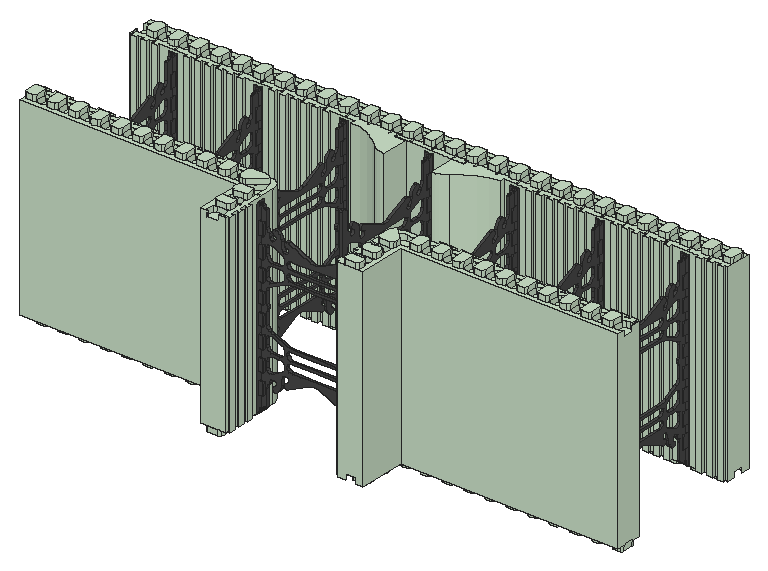
Revit family
Reference planes
  plane 1 "Center (Front/Back)": y = 0
  plane 2: z = 0
  plane 3 "Center (Left/Right)": x = 0
Forms (mm)
  Extrusion 1, solid, material "NUDURA Expanded Polystyrene Foam Insulation"
    sketch origin (0.018, -0.019, 0) x (1, 0, 0) y (0, 1, 0)
      loop
        arc (-82.55, -215.9) -> (-91.849, -193.449) -> (-114.3, -184.15) r 31.75
        line (-114.3, -184.15) -> (-184.942, -184.15) -> (-183.358, -177.8) -> (-197.642, -177.8) -> (-196.058, -184.15) -> (-210.342, -184.15) -> (-208.758, -177.8) -> (-223.042, -177.8) -> (-221.458, -184.15) -> (-235.742, -184.15) -> (-234.158, -177.8) -> (-248.442, -177.8) -> (-246.858, -184.15) -> (-261.142, -184.15) -> (-259.558, -177.8) -> (-273.842, -177.8) -> (-272.258, -184.15) -> (-286.558, -184.15) -> (-284.974, -177.8) -> (-299.258, -177.8) -> (-297.674, -184.15) -> (-311.958, -184.15) -> (-310.374, -177.8) -> (-324.658, -177.8) -> (-323.074, -184.15) -> (-388.141, -184.15) -> (-386.558, -177.8) -> (-400.841, -177.8) -> (-399.258, -184.15) -> (-413.541, -184.15) -> (-411.958, -177.8) -> (-426.241, -177.8) -> (-424.658, -184.15) -> (-438.941, -184.15) -> (-437.358, -177.8) -> (-451.641, -177.8) -> (-450.058, -184.15) -> (-464.358, -184.15) -> (-462.774, -177.8) -> (-477.058, -177.8) -> (-475.474, -184.15) -> (-489.758, -184.15) -> (-488.174, -177.8) -> (-502.458, -177.8) -> (-500.874, -184.15) -> (-515.158, -184.15) -> (-513.574, -177.8) -> (-527.858, -177.8) -> (-526.274, -184.15) -> (-591.341, -184.15) -> (-589.758, -177.8) -> (-604.041, -177.8) -> (-602.458, -184.15) -> (-616.741, -184.15) -> (-615.158, -177.8) -> (-629.441, -177.8) -> (-627.858, -184.15) -> (-642.141, -184.15) -> (-640.558, -177.8) -> (-654.841, -177.8) -> (-653.258, -184.15) -> (-660.4, -184.15) -> (-660.4, -244.41) -> (-142.875, -244.41) -> (-142.875, -355.535) -> (-82.55, -355.535) -> (-82.55, -348.458) -> (-76.2, -350.041) -> (-76.2, -335.758) -> (-82.55, -337.341) -> (-82.55, -323.058) -> (-76.2, -324.641) -> (-76.2, -310.358) -> (-82.55, -311.941) -> (-82.55, -297.658) -> (-76.2, -299.241) -> (-76.2, -284.958) -> (-82.55, -286.541) -> (-82.55, -215.9)
      loop
        line (228.6, 73.025) -> (228.6, 82.55) -> (286.542, 82.55) -> (284.958, 76.2) -> (299.242, 76.2) -> (297.658, 82.55) -> (311.942, 82.55) -> (310.358, 76.2) -> (324.642, 76.2) -> (323.058, 82.55) -> (337.342, 82.55) -> (335.758, 76.2) -> (350.042, 76.2) -> (348.458, 82.55) -> (362.726, 82.55) -> (361.142, 76.2) -> (375.426, 76.2) -> (373.842, 82.55) -> (388.126, 82.55) -> (386.542, 76.2) -> (400.826, 76.2) -> (399.242, 82.55) -> (413.526, 82.55) -> (411.942, 76.2) -> (426.226, 76.2) -> (424.642, 82.55) -> (489.741, 82.55) -> (488.158, 76.2) -> (502.441, 76.2) -> (500.858, 82.55) -> (515.141, 82.55) -> (513.558, 76.2) -> (527.841, 76.2) -> (526.258, 82.55) -> (540.541, 82.55) -> (538.958, 76.2) -> (553.241, 76.2) -> (551.658, 82.55) -> (565.925, 82.55) -> (564.342, 76.2) -> (578.625, 76.2) -> (577.042, 82.55) -> (591.325, 82.55) -> (589.742, 76.2) -> (604.025, 76.2) -> (602.442, 82.55) -> (616.725, 82.55) -> (615.142, 76.2) -> (629.425, 76.2) -> (627.842, 82.55) -> (692.941, 82.55) -> (691.358, 76.2) -> (705.641, 76.2) -> (704.058, 82.55) -> (718.341, 82.55) -> (716.758, 76.2) -> (731.041, 76.2) -> (729.458, 82.55) -> (743.741, 82.55) -> (742.158, 76.2) -> (756.441, 76.2) -> (754.858, 82.55) -> (762, 82.55) -> (762, 142.939) -> (133.35, 142.939) -> (133.35, 131.479) -> (127, 133.18) -> (127, 117.763) -> (133.35, 119.346) -> (133.35, 106.079) -> (127, 107.78) -> (127, 92.363) -> (133.35, 93.946) -> (133.35, 82.55) -> (107.158, 82.55) -> (107.158, 19.091)
        arc (107.158, 19.091) -> (124.789, 23.014) -> (139.933, 32.857) r 50.8
        arc (139.933, 32.857) -> (180.925, 60.317) -> (228.6, 73.025) r 150.316
      loop
        line (-5.558, 19.091) -> (-5.558, 82.55) -> (-31.75, 82.55) -> (-31.75, 93.946) -> (-25.4, 92.363) -> (-25.4, 107.78) -> (-31.75, 106.079) -> (-31.75, 119.346) -> (-25.4, 117.763) -> (-25.4, 133.18) -> (-31.75, 131.479) -> (-31.75, 142.939) -> (-660.4, 142.939) -> (-660.4, 82.55) -> (-653.258, 82.55) -> (-654.841, 76.2) -> (-640.558, 76.2) -> (-642.141, 82.55) -> (-627.858, 82.55) -> (-629.441, 76.2) -> (-615.158, 76.2) -> (-616.741, 82.55) -> (-602.458, 82.55) -> (-604.041, 76.2) -> (-589.758, 76.2) -> (-591.341, 82.55) -> (-526.242, 82.55) -> (-527.825, 76.2) -> (-513.542, 76.2) -> (-515.125, 82.55) -> (-500.842, 82.55) -> (-502.425, 76.2) -> (-488.142, 76.2) -> (-489.725, 82.55) -> (-475.442, 82.55) -> (-477.025, 76.2) -> (-462.742, 76.2) -> (-464.325, 82.55) -> (-450.058, 82.55) -> (-451.641, 76.2) -> (-437.358, 76.2) -> (-438.941, 82.55) -> (-424.658, 82.55) -> (-426.241, 76.2) -> (-411.958, 76.2) -> (-413.541, 82.55) -> (-399.258, 82.55) -> (-400.841, 76.2) -> (-386.558, 76.2) -> (-388.141, 82.55) -> (-323.042, 82.55) -> (-324.626, 76.2) -> (-310.342, 76.2) -> (-311.926, 82.55) -> (-297.642, 82.55) -> (-299.226, 76.2) -> (-284.942, 76.2) -> (-286.526, 82.55) -> (-272.242, 82.55) -> (-273.826, 76.2) -> (-259.542, 76.2) -> (-261.126, 82.55) -> (-246.858, 82.55) -> (-248.442, 76.2) -> (-234.158, 76.2) -> (-235.742, 82.55) -> (-221.458, 82.55) -> (-223.042, 76.2) -> (-208.758, 76.2) -> (-210.342, 82.55) -> (-196.058, 82.55) -> (-197.642, 76.2) -> (-183.358, 76.2) -> (-184.942, 82.55) -> (-127, 82.55) -> (-127, 73.025)
        arc (-127, 73.025) -> (-79.325, 60.317) -> (-38.333, 32.857) r 150.316
        arc (-38.333, 32.857) -> (-23.189, 23.014) -> (-5.558, 19.091) r 50.8
      loop
        line (184.15, -215.9) -> (184.15, -286.541) -> (177.8, -284.958) -> (177.8, -299.241) -> (184.15, -297.658) -> (184.15, -311.941) -> (177.8, -310.358) -> (177.8, -324.641) -> (184.15, -323.058) -> (184.15, -337.341) -> (177.8, -335.758) -> (177.8, -350.041) -> (184.15, -348.458) -> (184.15, -355.6) -> (244.475, -355.6) -> (244.475, -244.41) -> (762, -244.41) -> (762, -184.15) -> (754.858, -184.15) -> (756.441, -177.8) -> (742.158, -177.8) -> (743.741, -184.15) -> (729.458, -184.15) -> (731.041, -177.8) -> (716.758, -177.8) -> (718.341, -184.15) -> (704.058, -184.15) -> (705.641, -177.8) -> (691.358, -177.8) -> (692.941, -184.15) -> (627.874, -184.15) -> (629.458, -177.8) -> (615.174, -177.8) -> (616.758, -184.15) -> (602.474, -184.15) -> (604.058, -177.8) -> (589.774, -177.8) -> (591.358, -184.15) -> (577.074, -184.15) -> (578.658, -177.8) -> (564.374, -177.8) -> (565.958, -184.15) -> (551.658, -184.15) -> (553.241, -177.8) -> (538.958, -177.8) -> (540.541, -184.15) -> (526.258, -184.15) -> (527.841, -177.8) -> (513.558, -177.8) -> (515.141, -184.15) -> (500.858, -184.15) -> (502.441, -177.8) -> (488.158, -177.8) -> (489.741, -184.15) -> (424.674, -184.15) -> (426.258, -177.8) -> (411.974, -177.8) -> (413.558, -184.15) -> (399.274, -184.15) -> (400.858, -177.8) -> (386.574, -177.8) -> (388.158, -184.15) -> (373.874, -184.15) -> (375.458, -177.8) -> (361.174, -177.8) -> (362.758, -184.15) -> (348.458, -184.15) -> (350.042, -177.8) -> (335.758, -177.8) -> (337.342, -184.15) -> (323.058, -184.15) -> (324.642, -177.8) -> (310.358, -177.8) -> (311.942, -184.15) -> (297.658, -184.15) -> (299.242, -177.8) -> (284.958, -177.8) -> (286.542, -184.15) -> (215.9, -184.15)
        arc (215.9, -184.15) -> (193.449, -193.449) -> (184.15, -215.9) r 31.75
    from 0 to 457.2
  Extrusion 2, void
    sketch origin (0.018, 304.781, 0) x (1, 0, 0) y (0, 1, 0)
      loop
        arc (-130.453, -639.396) -> (-131.763, -647.7) -> (-130.453, -656.003) r 26.987
        arc (-130.453, -656.003) -> (-128.504, -658.905) -> (-125.314, -660.335) r 6.35
        line (-125.314, -660.335) -> (-100.111, -660.335)
        arc (-100.111, -660.335) -> (-98.281, -659.781) -> (-96.698, -658.708) r 6.35
        arc (-96.698, -658.708) -> (-96.199, -658.394) -> (-95.62, -658.285) r 1.588
        line (-95.62, -658.285) -> (-86.829, -658.285) -> (-86.829, -653.946) -> (-92.457, -653.946)
        arc (-92.457, -653.946) -> (-93.668, -653.385) -> (-94.024, -652.1) r 1.588
        arc (-94.024, -652.1) -> (-93.737, -645.691) -> (-94.972, -639.396) r 26.988
        arc (-94.972, -639.396) -> (-97.278, -636.215) -> (-101.014, -635) r 6.35
        line (-101.014, -635) -> (-124.411, -635)
        arc (-124.411, -635) -> (-128.147, -636.215) -> (-130.453, -639.396) r 6.35
    from 457.2 to 444.5
  Extrusion 3, void
    sketch origin (0.018, 355.581, 0) x (1, 0, 0) y (0, 1, 0)
      loop
        arc (-130.453, -639.396) -> (-131.763, -647.7) -> (-130.453, -656.003) r 26.987
        arc (-130.453, -656.003) -> (-128.147, -659.184) -> (-124.411, -660.4) r 6.35
        line (-124.411, -660.4) -> (-101.014, -660.4)
        arc (-101.014, -660.4) -> (-98.696, -659.961) -> (-96.698, -658.708) r 6.35
        arc (-96.698, -658.708) -> (-96.199, -658.394) -> (-95.62, -658.285) r 1.588
        line (-95.62, -658.285) -> (-86.829, -658.285) -> (-86.829, -653.946) -> (-92.457, -653.946)
        arc (-92.457, -653.946) -> (-93.668, -653.385) -> (-94.024, -652.1) r 1.588
        arc (-94.024, -652.1) -> (-93.737, -645.691) -> (-94.972, -639.396) r 26.988
        arc (-94.972, -639.396) -> (-97.278, -636.215) -> (-101.014, -635) r 6.35
        line (-101.014, -635) -> (-124.411, -635)
        arc (-124.411, -635) -> (-128.147, -636.215) -> (-130.453, -639.396) r 6.35
    from 457.2 to 444.5
  Extrusion 4, void
    sketch origin (0.018, -101.619, 0) x (1, 0, 0) y (0, 1, 0)
      loop
        line (-131.763, -131.762) -> (-131.763, -139.7)
        arc (-131.763, -139.7) -> (-131.433, -143.903) -> (-130.453, -148.003) r 26.987
        arc (-130.453, -148.003) -> (-128.147, -151.184) -> (-124.411, -152.4) r 6.35
        line (-124.411, -152.4) -> (-101.014, -152.4)
        arc (-101.014, -152.4) -> (-98.696, -151.961) -> (-96.698, -150.708) r 6.35
        arc (-96.698, -150.708) -> (-96.199, -150.394) -> (-95.62, -150.285) r 1.588
        line (-95.62, -150.285) -> (-86.829, -150.285) -> (-86.829, -145.946) -> (-92.457, -145.946)
        arc (-92.457, -145.946) -> (-93.668, -145.385) -> (-94.024, -144.1) r 1.588
        arc (-94.024, -144.1) -> (-93.753, -141.907) -> (-93.663, -139.7) r 26.987
        line (-93.663, -139.7) -> (-93.663, -119.062)
        arc (-93.663, -119.062) -> (-95.596, -109.342) -> (-101.102, -101.102) r 25.4
        line (-101.102, -101.102) -> (-131.763, -131.762)
    from 457.2 to 444.5
  Extrusion 5, void
    sketch origin (-812.781, -101.619, 0) x (0, 1, 0) y (-1, 0, 0)
      loop
        arc (-130.453, -639.396) -> (-131.763, -647.7) -> (-130.453, -656.003) r 26.987
        arc (-130.453, -656.003) -> (-128.147, -659.184) -> (-124.411, -660.4) r 6.35
        line (-124.411, -660.4) -> (-101.014, -660.4)
        arc (-101.014, -660.4) -> (-98.696, -659.961) -> (-96.698, -658.708) r 6.35
        arc (-96.698, -658.708) -> (-96.199, -658.394) -> (-95.62, -658.285) r 1.588
        line (-95.62, -658.285) -> (-86.829, -658.285) -> (-86.829, -653.946) -> (-92.457, -653.946)
        arc (-92.457, -653.946) -> (-93.668, -653.385) -> (-94.024, -652.1) r 1.588
        arc (-94.024, -652.1) -> (-93.737, -645.691) -> (-94.972, -639.396) r 26.988
        arc (-94.972, -639.396) -> (-97.278, -636.215) -> (-101.014, -635) r 6.35
        line (-101.014, -635) -> (-124.411, -635)
        arc (-124.411, -635) -> (-128.147, -636.215) -> (-130.453, -639.396) r 6.35
    from 457.2 to 444.5
  Extrusion 6, void
    sketch origin (-863.581, -101.619, 0) x (0, 1, 0) y (-1, 0, 0)
      loop
        arc (-130.453, -639.396) -> (-131.763, -647.7) -> (-130.453, -656.003) r 26.987
        arc (-130.453, -656.003) -> (-128.147, -659.184) -> (-124.411, -660.4) r 6.35
        line (-124.411, -660.4) -> (-101.014, -660.4)
        arc (-101.014, -660.4) -> (-98.696, -659.961) -> (-96.698, -658.708) r 6.35
        arc (-96.698, -658.708) -> (-96.199, -658.394) -> (-95.62, -658.285) r 1.588
        line (-95.62, -658.285) -> (-86.829, -658.285) -> (-86.829, -653.946) -> (-92.457, -653.946)
        arc (-92.457, -653.946) -> (-93.668, -653.385) -> (-94.024, -652.1) r 1.588
        arc (-94.024, -652.1) -> (-93.737, -645.691) -> (-94.972, -639.396) r 26.988
        arc (-94.972, -639.396) -> (-97.278, -636.215) -> (-101.014, -635) r 6.35
        line (-101.014, -635) -> (-124.411, -635)
        arc (-124.411, -635) -> (-128.147, -636.215) -> (-130.453, -639.396) r 6.35
    from 457.2 to 444.5
  Extrusion 7, void
    sketch origin (0.018, -965.218, 0) x (1, 0, 0) y (0, 1, 0)
      loop
        arc (-130.453, 639.396) -> (-128.147, 636.215) -> (-124.411, 635) r 6.35
        line (-124.411, 635) -> (-101.014, 635)
        arc (-101.014, 635) -> (-97.278, 636.215) -> (-94.972, 639.396) r 6.35
        arc (-94.972, 639.396) -> (-93.737, 645.691) -> (-94.024, 652.1) r 26.988
        arc (-94.024, 652.1) -> (-93.668, 653.385) -> (-92.457, 653.946) r 1.588
        line (-92.457, 653.946) -> (-86.829, 653.946) -> (-86.829, 658.285) -> (-95.62, 658.285)
        arc (-95.62, 658.285) -> (-96.199, 658.394) -> (-96.698, 658.708) r 1.588
        arc (-96.698, 658.708) -> (-98.696, 659.961) -> (-101.014, 660.4) r 6.35
        line (-101.014, 660.4) -> (-124.411, 660.4)
        arc (-124.411, 660.4) -> (-128.147, 659.184) -> (-130.453, 656.003) r 6.35
        arc (-130.453, 656.003) -> (-131.763, 647.7) -> (-130.453, 639.396) r 26.987
    from 0 to 12.7
  Extrusion 8, void
    sketch origin (0.018, -914.418, 0) x (1, 0, 0) y (0, 1, 0)
      loop
        arc (-130.453, 639.396) -> (-128.147, 636.215) -> (-124.411, 635) r 6.35
        line (-124.411, 635) -> (-101.014, 635)
        arc (-101.014, 635) -> (-97.278, 636.215) -> (-94.972, 639.396) r 6.35
        arc (-94.972, 639.396) -> (-93.737, 645.691) -> (-94.024, 652.1) r 26.988
        arc (-94.024, 652.1) -> (-93.668, 653.385) -> (-92.457, 653.946) r 1.588
        line (-92.457, 653.946) -> (-86.829, 653.946) -> (-86.829, 658.285) -> (-95.62, 658.285)
        arc (-95.62, 658.285) -> (-96.199, 658.394) -> (-96.698, 658.708) r 1.588
        arc (-96.698, 658.708) -> (-98.696, 659.961) -> (-101.014, 660.4) r 6.35
        line (-101.014, 660.4) -> (-124.411, 660.4)
        arc (-124.411, 660.4) -> (-128.147, 659.184) -> (-130.453, 656.003) r 6.35
        arc (-130.453, 656.003) -> (-131.763, 647.7) -> (-130.453, 639.396) r 26.987
    from 0 to 12.7
  Extrusion 9, void
    sketch origin (0.018, -101.619, 0) x (0, 1, 0) y (-1, 0, 0)
      loop
        line (-131.763, 131.762) -> (-101.102, 101.102)
        arc (-101.102, 101.102) -> (-95.596, 109.342) -> (-93.663, 119.062) r 25.4
        line (-93.663, 119.062) -> (-93.663, 139.7)
        arc (-93.663, 139.7) -> (-93.753, 141.907) -> (-94.024, 144.1) r 26.987
        arc (-94.024, 144.1) -> (-93.668, 145.385) -> (-92.457, 145.946) r 1.588
        line (-92.457, 145.946) -> (-86.829, 145.946) -> (-86.829, 150.285) -> (-95.62, 150.285)
        arc (-95.62, 150.285) -> (-96.199, 150.394) -> (-96.698, 150.708) r 1.588
        arc (-96.698, 150.708) -> (-98.696, 151.961) -> (-101.014, 152.4) r 6.35
        line (-101.014, 152.4) -> (-124.411, 152.4)
        arc (-124.411, 152.4) -> (-128.147, 151.184) -> (-130.453, 148.003) r 6.35
        arc (-130.453, 148.003) -> (-131.433, 143.903) -> (-131.763, 139.7) r 26.987
        line (-131.763, 139.7) -> (-131.763, 131.762)
    from 0 to 12.7
  Extrusion 10, void
    sketch origin (457.218, -101.619, 0) x (0, 1, 0) y (-1, 0, 0)
      loop
        arc (-130.453, 639.396) -> (-128.147, 636.215) -> (-124.411, 635) r 6.35
        line (-124.411, 635) -> (-101.014, 635)
        arc (-101.014, 635) -> (-97.278, 636.215) -> (-94.972, 639.396) r 6.35
        arc (-94.972, 639.396) -> (-93.737, 645.691) -> (-94.024, 652.1) r 26.988
        arc (-94.024, 652.1) -> (-93.668, 653.385) -> (-92.457, 653.946) r 1.588
        line (-92.457, 653.946) -> (-86.829, 653.946) -> (-86.829, 658.285) -> (-95.62, 658.285)
        arc (-95.62, 658.285) -> (-96.199, 658.394) -> (-96.698, 658.708) r 1.588
        arc (-96.698, 658.708) -> (-98.696, 659.961) -> (-101.014, 660.4) r 6.35
        line (-101.014, 660.4) -> (-124.411, 660.4)
        arc (-124.411, 660.4) -> (-128.147, 659.184) -> (-130.453, 656.003) r 6.35
        arc (-130.453, 656.003) -> (-131.763, 647.7) -> (-130.453, 639.396) r 26.987
    from 0 to 12.7
  Extrusion 11, void
    sketch origin (406.418, -101.619, 0) x (0, 1, 0) y (-1, 0, 0)
      loop
        arc (-130.453, 639.396) -> (-128.147, 636.215) -> (-124.411, 635) r 6.35
        line (-124.411, 635) -> (-101.014, 635)
        arc (-101.014, 635) -> (-97.278, 636.215) -> (-94.972, 639.396) r 6.35
        arc (-94.972, 639.396) -> (-93.737, 645.691) -> (-94.024, 652.1) r 26.988
        arc (-94.024, 652.1) -> (-93.668, 653.385) -> (-92.457, 653.946) r 1.588
        line (-92.457, 653.946) -> (-86.829, 653.946) -> (-86.829, 658.285) -> (-95.62, 658.285)
        arc (-95.62, 658.285) -> (-96.199, 658.394) -> (-96.698, 658.708) r 1.588
        arc (-96.698, 658.708) -> (-98.696, 659.961) -> (-101.014, 660.4) r 6.35
        line (-101.014, 660.4) -> (-124.411, 660.4)
        arc (-124.411, 660.4) -> (-128.147, 659.184) -> (-130.453, 656.003) r 6.35
        arc (-130.453, 656.003) -> (-131.763, 647.7) -> (-130.453, 639.396) r 26.987
    from 0 to 12.7
  Extrusion 12, void
    sketch origin (101.618, -965.218, 0) x (-1, 0, 0) y (0, -1, 0)
      loop
        arc (-130.453, -639.396) -> (-131.763, -647.7) -> (-130.453, -656.003) r 26.987
        arc (-130.453, -656.003) -> (-128.147, -659.184) -> (-124.411, -660.4) r 6.35
        line (-124.411, -660.4) -> (-101.014, -660.4)
        arc (-101.014, -660.4) -> (-98.696, -659.961) -> (-96.698, -658.708) r 6.35
        arc (-96.698, -658.708) -> (-96.199, -658.394) -> (-95.62, -658.285) r 1.588
        line (-95.62, -658.285) -> (-86.829, -658.285) -> (-86.829, -653.946) -> (-92.457, -653.946)
        arc (-92.457, -653.946) -> (-93.668, -653.385) -> (-94.024, -652.1) r 1.588
        arc (-94.024, -652.1) -> (-93.737, -645.691) -> (-94.972, -639.396) r 26.988
        arc (-94.972, -639.396) -> (-97.278, -636.215) -> (-101.014, -635) r 6.35
        line (-101.014, -635) -> (-124.411, -635)
        arc (-124.411, -635) -> (-128.147, -636.215) -> (-130.453, -639.396) r 6.35
    from 457.2 to 444.5
  Extrusion 13, void
    sketch origin (101.618, -914.418, 0) x (-1, 0, 0) y (0, -1, 0)
      loop
        arc (-130.453, -639.396) -> (-131.763, -647.7) -> (-130.453, -656.003) r 26.987
        arc (-130.453, -656.003) -> (-128.147, -659.184) -> (-124.411, -660.4) r 6.35
        line (-124.411, -660.4) -> (-101.014, -660.4)
        arc (-101.014, -660.4) -> (-98.696, -659.961) -> (-96.698, -658.708) r 6.35
        arc (-96.698, -658.708) -> (-96.199, -658.394) -> (-95.62, -658.285) r 1.588
        line (-95.62, -658.285) -> (-86.829, -658.285) -> (-86.829, -653.946) -> (-92.457, -653.946)
        arc (-92.457, -653.946) -> (-93.668, -653.385) -> (-94.024, -652.1) r 1.588
        arc (-94.024, -652.1) -> (-93.737, -645.691) -> (-94.972, -639.396) r 26.988
        arc (-94.972, -639.396) -> (-97.278, -636.215) -> (-101.014, -635) r 6.35
        line (-101.014, -635) -> (-124.411, -635)
        arc (-124.411, -635) -> (-128.147, -636.215) -> (-130.453, -639.396) r 6.35
    from 457.2 to 444.5
  Extrusion 14, void
    sketch origin (-355.581, -101.619, 0) x (0, 1, 0) y (-1, 0, 0)
      loop
        arc (-130.453, -639.396) -> (-131.763, -647.7) -> (-130.453, -656.003) r 26.987
        arc (-130.453, -656.003) -> (-128.147, -659.184) -> (-124.411, -660.4) r 6.35
        line (-124.411, -660.4) -> (-101.014, -660.4)
        arc (-101.014, -660.4) -> (-98.696, -659.961) -> (-96.698, -658.708) r 6.35
        arc (-96.698, -658.708) -> (-96.199, -658.394) -> (-95.62, -658.285) r 1.588
        line (-95.62, -658.285) -> (-86.829, -658.285) -> (-86.829, -653.946) -> (-92.457, -653.946)
        arc (-92.457, -653.946) -> (-93.668, -653.385) -> (-94.024, -652.1) r 1.588
        arc (-94.024, -652.1) -> (-93.737, -645.691) -> (-94.972, -639.396) r 26.988
        arc (-94.972, -639.396) -> (-97.278, -636.215) -> (-101.014, -635) r 6.35
        line (-101.014, -635) -> (-124.411, -635)
        arc (-124.411, -635) -> (-128.147, -636.215) -> (-130.453, -639.396) r 6.35
    from 457.2 to 444.5
  Extrusion 15, void
    sketch origin (-304.781, -101.619, 0) x (0, 1, 0) y (-1, 0, 0)
      loop
        arc (-130.453, -639.396) -> (-131.763, -647.7) -> (-130.453, -656.003) r 26.987
        arc (-130.453, -656.003) -> (-128.147, -659.184) -> (-124.411, -660.4) r 6.35
        line (-124.411, -660.4) -> (-101.014, -660.4)
        arc (-101.014, -660.4) -> (-98.696, -659.961) -> (-96.698, -658.708) r 6.35
        arc (-96.698, -658.708) -> (-96.199, -658.394) -> (-95.62, -658.285) r 1.588
        line (-95.62, -658.285) -> (-86.829, -658.285) -> (-86.829, -653.946) -> (-92.457, -653.946)
        arc (-92.457, -653.946) -> (-93.668, -653.385) -> (-94.024, -652.1) r 1.588
        arc (-94.024, -652.1) -> (-93.737, -645.691) -> (-94.972, -639.396) r 26.988
        arc (-94.972, -639.396) -> (-97.278, -636.215) -> (-101.014, -635) r 6.35
        line (-101.014, -635) -> (-124.411, -635)
        arc (-124.411, -635) -> (-128.147, -636.215) -> (-130.453, -639.396) r 6.35
    from 457.2 to 444.5
  Extrusion 16, void
    sketch origin (101.618, -101.619, 0) x (1, 0, 0) y (0, 1, 0)
      loop
        arc (144.1, -94.023) -> (141.907, -93.752) -> (139.7, -93.662) r 26.987
        line (139.7, -93.662) -> (119.063, -93.662)
        arc (119.063, -93.662) -> (109.342, -95.595) -> (101.102, -101.102) r 25.4
        line (101.102, -101.102) -> (131.763, -131.762) -> (139.7, -131.762)
        arc (139.7, -131.762) -> (143.903, -131.433) -> (148.004, -130.453) r 26.988
        arc (148.004, -130.453) -> (151.185, -128.147) -> (152.4, -124.411) r 6.35
        line (152.4, -124.411) -> (152.4, -101.013)
        arc (152.4, -101.013) -> (151.962, -98.696) -> (150.708, -96.698) r 6.35
        arc (150.708, -96.698) -> (150.395, -96.198) -> (150.285, -95.619) r 1.587
        line (150.285, -95.619) -> (150.285, -86.828) -> (145.946, -86.828) -> (145.946, -92.457)
        arc (145.946, -92.457) -> (145.386, -93.667) -> (144.1, -94.023) r 1.588
    from 457.2 to 444.5
  Extrusion 17, void
    sketch origin (101.618, 304.781, 0) x (-1, 0, 0) y (0, -1, 0)
      loop
        arc (-130.453, 639.396) -> (-128.147, 636.215) -> (-124.411, 635) r 6.35
        line (-124.411, 635) -> (-101.014, 635)
        arc (-101.014, 635) -> (-97.278, 636.215) -> (-94.972, 639.396) r 6.35
        arc (-94.972, 639.396) -> (-93.737, 645.691) -> (-94.024, 652.1) r 26.988
        arc (-94.024, 652.1) -> (-93.668, 653.385) -> (-92.457, 653.946) r 1.588
        line (-92.457, 653.946) -> (-86.829, 653.946) -> (-86.829, 658.285) -> (-95.62, 658.285)
        arc (-95.62, 658.285) -> (-96.199, 658.394) -> (-96.698, 658.708) r 1.588
        arc (-96.698, 658.708) -> (-98.696, 659.961) -> (-101.014, 660.4) r 6.35
        line (-101.014, 660.4) -> (-124.411, 660.4)
        arc (-124.411, 660.4) -> (-128.147, 659.184) -> (-130.453, 656.003) r 6.35
        arc (-130.453, 656.003) -> (-131.763, 647.7) -> (-130.453, 639.396) r 26.987
    from 0 to 12.7
  Extrusion 18, void
    sketch origin (101.618, 355.581, 0) x (-1, 0, 0) y (0, -1, 0)
      loop
        arc (-130.453, 639.396) -> (-128.147, 636.215) -> (-124.411, 635) r 6.35
        line (-124.411, 635) -> (-101.014, 635)
        arc (-101.014, 635) -> (-97.278, 636.215) -> (-94.972, 639.396) r 6.35
        arc (-94.972, 639.396) -> (-93.737, 645.691) -> (-94.024, 652.1) r 26.988
        arc (-94.024, 652.1) -> (-93.668, 653.385) -> (-92.457, 653.946) r 1.588
        line (-92.457, 653.946) -> (-86.829, 653.946) -> (-86.829, 658.285) -> (-95.62, 658.285)
        arc (-95.62, 658.285) -> (-96.199, 658.394) -> (-96.698, 658.708) r 1.588
        arc (-96.698, 658.708) -> (-98.696, 659.961) -> (-101.014, 660.4) r 6.35
        line (-101.014, 660.4) -> (-124.411, 660.4)
        arc (-124.411, 660.4) -> (-128.147, 659.184) -> (-130.453, 656.003) r 6.35
        arc (-130.453, 656.003) -> (-131.763, 647.7) -> (-130.453, 639.396) r 26.987
    from 0 to 12.7
  Extrusion 19, void
    sketch origin (101.619, -101.619, 0) x (0, -1, 0) y (1, 0, 0)
      loop
        arc (144.1, 94.023) -> (145.386, 93.667) -> (145.946, 92.457) r 1.588
        line (145.946, 92.457) -> (145.946, 86.828) -> (150.285, 86.828) -> (150.285, 95.619)
        arc (150.285, 95.619) -> (150.395, 96.198) -> (150.708, 96.698) r 1.587
        arc (150.708, 96.698) -> (151.962, 98.696) -> (152.4, 101.013) r 6.35
        line (152.4, 101.013) -> (152.4, 124.411)
        arc (152.4, 124.411) -> (151.185, 128.147) -> (148.004, 130.453) r 6.35
        arc (148.004, 130.453) -> (143.903, 131.433) -> (139.7, 131.762) r 26.988
        line (139.7, 131.762) -> (131.763, 131.762) -> (101.102, 101.102)
        arc (101.102, 101.102) -> (109.342, 95.595) -> (119.063, 93.662) r 25.4
        line (119.063, 93.662) -> (139.7, 93.662)
        arc (139.7, 93.662) -> (141.907, 93.752) -> (144.1, 94.023) r 26.987
    from 0 to 12.7
  Extrusion 20, void
    sketch origin (914.418, -101.619, 0) x (0, 1, 0) y (-1, 0, 0)
      loop
        arc (-130.453, 639.396) -> (-128.147, 636.215) -> (-124.411, 635) r 6.35
        line (-124.411, 635) -> (-101.014, 635)
        arc (-101.014, 635) -> (-97.278, 636.215) -> (-94.972, 639.396) r 6.35
        arc (-94.972, 639.396) -> (-93.737, 645.691) -> (-94.024, 652.1) r 26.988
        arc (-94.024, 652.1) -> (-93.668, 653.385) -> (-92.457, 653.946) r 1.588
        line (-92.457, 653.946) -> (-86.829, 653.946) -> (-86.829, 658.285) -> (-95.62, 658.285)
        arc (-95.62, 658.285) -> (-96.199, 658.394) -> (-96.698, 658.708) r 1.588
        arc (-96.698, 658.708) -> (-98.696, 659.961) -> (-101.014, 660.4) r 6.35
        line (-101.014, 660.4) -> (-124.411, 660.4)
        arc (-124.411, 660.4) -> (-128.147, 659.184) -> (-130.453, 656.003) r 6.35
        arc (-130.453, 656.003) -> (-131.763, 647.7) -> (-130.453, 639.396) r 26.987
    from 0 to 12.7
  Extrusion 21, void
    sketch origin (965.218, -101.619, 0) x (0, 1, 0) y (-1, 0, 0)
      loop
        arc (-130.453, 639.396) -> (-128.147, 636.215) -> (-124.411, 635) r 6.35
        line (-124.411, 635) -> (-101.014, 635)
        arc (-101.014, 635) -> (-97.278, 636.215) -> (-94.972, 639.396) r 6.35
        arc (-94.972, 639.396) -> (-93.737, 645.691) -> (-94.024, 652.1) r 26.988
        arc (-94.024, 652.1) -> (-93.668, 653.385) -> (-92.457, 653.946) r 1.588
        line (-92.457, 653.946) -> (-86.829, 653.946) -> (-86.829, 658.285) -> (-95.62, 658.285)
        arc (-95.62, 658.285) -> (-96.199, 658.394) -> (-96.698, 658.708) r 1.588
        arc (-96.698, 658.708) -> (-98.696, 659.961) -> (-101.014, 660.4) r 6.35
        line (-101.014, 660.4) -> (-124.411, 660.4)
        arc (-124.411, 660.4) -> (-128.147, 659.184) -> (-130.453, 656.003) r 6.35
        arc (-130.453, 656.003) -> (-131.763, 647.7) -> (-130.453, 639.396) r 26.987
    from 0 to 12.7
  Extrusion 22, void
    sketch origin (406.418, -0.02, 0) x (0, -1, 0) y (1, 0, 0)
      loop
        arc (-130.453, -639.396) -> (-131.763, -647.7) -> (-130.453, -656.003) r 26.987
        arc (-130.453, -656.003) -> (-128.147, -659.184) -> (-124.411, -660.4) r 6.35
        line (-124.411, -660.4) -> (-101.014, -660.4)
        arc (-101.014, -660.4) -> (-98.696, -659.961) -> (-96.698, -658.708) r 6.35
        arc (-96.698, -658.708) -> (-96.199, -658.394) -> (-95.62, -658.285) r 1.588
        line (-95.62, -658.285) -> (-86.829, -658.285) -> (-86.829, -653.946) -> (-92.457, -653.946)
        arc (-92.457, -653.946) -> (-93.668, -653.385) -> (-94.024, -652.1) r 1.588
        arc (-94.024, -652.1) -> (-93.737, -645.691) -> (-94.972, -639.396) r 26.988
        arc (-94.972, -639.396) -> (-97.278, -636.215) -> (-101.014, -635) r 6.35
        line (-101.014, -635) -> (-124.411, -635)
        arc (-124.411, -635) -> (-128.147, -636.215) -> (-130.453, -639.396) r 6.35
    from 457.2 to 444.5
  Extrusion 23, void
    sketch origin (457.218, -0.02, 0) x (0, -1, 0) y (1, 0, 0)
      loop
        arc (-130.453, -639.396) -> (-131.763, -647.7) -> (-130.453, -656.003) r 26.987
        arc (-130.453, -656.003) -> (-128.147, -659.184) -> (-124.411, -660.4) r 6.35
        line (-124.411, -660.4) -> (-101.014, -660.4)
        arc (-101.014, -660.4) -> (-98.696, -659.961) -> (-96.698, -658.708) r 6.35
        arc (-96.698, -658.708) -> (-96.199, -658.394) -> (-95.62, -658.285) r 1.588
        line (-95.62, -658.285) -> (-86.829, -658.285) -> (-86.829, -653.946) -> (-92.457, -653.946)
        arc (-92.457, -653.946) -> (-93.668, -653.385) -> (-94.024, -652.1) r 1.588
        arc (-94.024, -652.1) -> (-93.737, -645.691) -> (-94.972, -639.396) r 26.988
        arc (-94.972, -639.396) -> (-97.278, -636.215) -> (-101.014, -635) r 6.35
        line (-101.014, -635) -> (-124.411, -635)
        arc (-124.411, -635) -> (-128.147, -636.215) -> (-130.453, -639.396) r 6.35
    from 457.2 to 444.5
  Extrusion 24, void
    sketch origin (508.018, -0.02, 0) x (0, -1, 0) y (1, 0, 0)
      loop
        arc (-130.453, -639.396) -> (-131.763, -647.7) -> (-130.453, -656.003) r 26.987
        arc (-130.453, -656.003) -> (-128.147, -659.184) -> (-124.411, -660.4) r 6.35
        line (-124.411, -660.4) -> (-101.014, -660.4)
        arc (-101.014, -660.4) -> (-98.696, -659.961) -> (-96.698, -658.708) r 6.35
        arc (-96.698, -658.708) -> (-96.199, -658.394) -> (-95.62, -658.285) r 1.588
        line (-95.62, -658.285) -> (-86.829, -658.285) -> (-86.829, -653.946) -> (-92.457, -653.946)
        arc (-92.457, -653.946) -> (-93.668, -653.385) -> (-94.024, -652.1) r 1.588
        arc (-94.024, -652.1) -> (-93.737, -645.691) -> (-94.972, -639.396) r 26.988
        arc (-94.972, -639.396) -> (-97.278, -636.215) -> (-101.014, -635) r 6.35
        line (-101.014, -635) -> (-124.411, -635)
        arc (-124.411, -635) -> (-128.147, -636.215) -> (-130.453, -639.396) r 6.35
    from 457.2 to 444.5
  Extrusion 25, void
    sketch origin (558.818, -0.02, 0) x (0, -1, 0) y (1, 0, 0)
      loop
        arc (-130.453, -639.396) -> (-131.763, -647.7) -> (-130.453, -656.003) r 26.987
        arc (-130.453, -656.003) -> (-128.147, -659.184) -> (-124.411, -660.4) r 6.35
        line (-124.411, -660.4) -> (-101.014, -660.4)
        arc (-101.014, -660.4) -> (-98.696, -659.961) -> (-96.698, -658.708) r 6.35
        arc (-96.698, -658.708) -> (-96.199, -658.394) -> (-95.62, -658.285) r 1.588
        line (-95.62, -658.285) -> (-86.829, -658.285) -> (-86.829, -653.946) -> (-92.457, -653.946)
        arc (-92.457, -653.946) -> (-93.668, -653.385) -> (-94.024, -652.1) r 1.588
        arc (-94.024, -652.1) -> (-93.737, -645.691) -> (-94.972, -639.396) r 26.988
        arc (-94.972, -639.396) -> (-97.278, -636.215) -> (-101.014, -635) r 6.35
        line (-101.014, -635) -> (-124.411, -635)
        arc (-124.411, -635) -> (-128.147, -636.215) -> (-130.453, -639.396) r 6.35
    from 457.2 to 444.5
  Extrusion 26, void
    sketch origin (609.618, -0.02, 0) x (0, -1, 0) y (1, 0, 0)
      loop
        arc (-130.453, -639.396) -> (-131.763, -647.7) -> (-130.453, -656.003) r 26.987
        arc (-130.453, -656.003) -> (-128.147, -659.184) -> (-124.411, -660.4) r 6.35
        line (-124.411, -660.4) -> (-101.014, -660.4)
        arc (-101.014, -660.4) -> (-98.696, -659.961) -> (-96.698, -658.708) r 6.35
        arc (-96.698, -658.708) -> (-96.199, -658.394) -> (-95.62, -658.285) r 1.588
        line (-95.62, -658.285) -> (-86.829, -658.285) -> (-86.829, -653.946) -> (-92.457, -653.946)
        arc (-92.457, -653.946) -> (-93.668, -653.385) -> (-94.024, -652.1) r 1.588
        arc (-94.024, -652.1) -> (-93.737, -645.691) -> (-94.972, -639.396) r 26.988
        arc (-94.972, -639.396) -> (-97.278, -636.215) -> (-101.014, -635) r 6.35
        line (-101.014, -635) -> (-124.411, -635)
        arc (-124.411, -635) -> (-128.147, -636.215) -> (-130.453, -639.396) r 6.35
    from 457.2 to 444.5
  Extrusion 27, void
    sketch origin (660.418, -0.02, 0) x (0, -1, 0) y (1, 0, 0)
      loop
        arc (-130.453, -639.396) -> (-131.763, -647.7) -> (-130.453, -656.003) r 26.987
        arc (-130.453, -656.003) -> (-128.147, -659.184) -> (-124.411, -660.4) r 6.35
        line (-124.411, -660.4) -> (-101.014, -660.4)
        arc (-101.014, -660.4) -> (-98.696, -659.961) -> (-96.698, -658.708) r 6.35
        arc (-96.698, -658.708) -> (-96.199, -658.394) -> (-95.62, -658.285) r 1.588
        line (-95.62, -658.285) -> (-86.829, -658.285) -> (-86.829, -653.946) -> (-92.457, -653.946)
        arc (-92.457, -653.946) -> (-93.668, -653.385) -> (-94.024, -652.1) r 1.588
        arc (-94.024, -652.1) -> (-93.737, -645.691) -> (-94.972, -639.396) r 26.988
        arc (-94.972, -639.396) -> (-97.278, -636.215) -> (-101.014, -635) r 6.35
        line (-101.014, -635) -> (-124.411, -635)
        arc (-124.411, -635) -> (-128.147, -636.215) -> (-130.453, -639.396) r 6.35
    from 457.2 to 444.5
  Extrusion 28, void
    sketch origin (711.218, -0.02, 0) x (0, -1, 0) y (1, 0, 0)
      loop
        arc (-130.453, -639.396) -> (-131.763, -647.7) -> (-130.453, -656.003) r 26.987
        arc (-130.453, -656.003) -> (-128.147, -659.184) -> (-124.411, -660.4) r 6.35
        line (-124.411, -660.4) -> (-101.014, -660.4)
        arc (-101.014, -660.4) -> (-98.696, -659.961) -> (-96.698, -658.708) r 6.35
        arc (-96.698, -658.708) -> (-96.199, -658.394) -> (-95.62, -658.285) r 1.588
        line (-95.62, -658.285) -> (-86.829, -658.285) -> (-86.829, -653.946) -> (-92.457, -653.946)
        arc (-92.457, -653.946) -> (-93.668, -653.385) -> (-94.024, -652.1) r 1.588
        arc (-94.024, -652.1) -> (-93.737, -645.691) -> (-94.972, -639.396) r 26.988
        arc (-94.972, -639.396) -> (-97.278, -636.215) -> (-101.014, -635) r 6.35
        line (-101.014, -635) -> (-124.411, -635)
        arc (-124.411, -635) -> (-128.147, -636.215) -> (-130.453, -639.396) r 6.35
    from 457.2 to 444.5
  Extrusion 29, void
    sketch origin (762.018, -0.02, 0) x (0, -1, 0) y (1, 0, 0)
      loop
        arc (-130.453, -639.396) -> (-131.763, -647.7) -> (-130.453, -656.003) r 26.987
        arc (-130.453, -656.003) -> (-128.147, -659.184) -> (-124.411, -660.4) r 6.35
        line (-124.411, -660.4) -> (-101.014, -660.4)
        arc (-101.014, -660.4) -> (-98.696, -659.961) -> (-96.698, -658.708) r 6.35
        arc (-96.698, -658.708) -> (-96.199, -658.394) -> (-95.62, -658.285) r 1.588
        line (-95.62, -658.285) -> (-86.829, -658.285) -> (-86.829, -653.946) -> (-92.457, -653.946)
        arc (-92.457, -653.946) -> (-93.668, -653.385) -> (-94.024, -652.1) r 1.588
        arc (-94.024, -652.1) -> (-93.737, -645.691) -> (-94.972, -639.396) r 26.988
        arc (-94.972, -639.396) -> (-97.278, -636.215) -> (-101.014, -635) r 6.35
        line (-101.014, -635) -> (-124.411, -635)
        arc (-124.411, -635) -> (-128.147, -636.215) -> (-130.453, -639.396) r 6.35
    from 457.2 to 444.5
  Extrusion 30, void
    sketch origin (812.818, -0.02, 0) x (0, -1, 0) y (1, 0, 0)
      loop
        arc (-130.453, -639.396) -> (-131.763, -647.7) -> (-130.453, -656.003) r 26.987
        arc (-130.453, -656.003) -> (-128.147, -659.184) -> (-124.411, -660.4) r 6.35
        line (-124.411, -660.4) -> (-101.014, -660.4)
        arc (-101.014, -660.4) -> (-98.696, -659.961) -> (-96.698, -658.708) r 6.35
        arc (-96.698, -658.708) -> (-96.199, -658.394) -> (-95.62, -658.285) r 1.588
        line (-95.62, -658.285) -> (-86.829, -658.285) -> (-86.829, -653.946) -> (-92.457, -653.946)
        arc (-92.457, -653.946) -> (-93.668, -653.385) -> (-94.024, -652.1) r 1.588
        arc (-94.024, -652.1) -> (-93.737, -645.691) -> (-94.972, -639.396) r 26.988
        arc (-94.972, -639.396) -> (-97.278, -636.215) -> (-101.014, -635) r 6.35
        line (-101.014, -635) -> (-124.411, -635)
        arc (-124.411, -635) -> (-128.147, -636.215) -> (-130.453, -639.396) r 6.35
    from 457.2 to 444.5
  Extrusion 31, void
    sketch origin (863.618, -0.02, 0) x (0, -1, 0) y (1, 0, 0)
      loop
        arc (-130.453, -639.396) -> (-131.763, -647.7) -> (-130.453, -656.003) r 26.987
        arc (-130.453, -656.003) -> (-128.147, -659.184) -> (-124.411, -660.4) r 6.35
        line (-124.411, -660.4) -> (-101.014, -660.4)
        arc (-101.014, -660.4) -> (-98.696, -659.961) -> (-96.698, -658.708) r 6.35
        arc (-96.698, -658.708) -> (-96.199, -658.394) -> (-95.62, -658.285) r 1.588
        line (-95.62, -658.285) -> (-86.829, -658.285) -> (-86.829, -653.946) -> (-92.457, -653.946)
        arc (-92.457, -653.946) -> (-93.668, -653.385) -> (-94.024, -652.1) r 1.588
        arc (-94.024, -652.1) -> (-93.737, -645.691) -> (-94.972, -639.396) r 26.988
        arc (-94.972, -639.396) -> (-97.278, -636.215) -> (-101.014, -635) r 6.35
        line (-101.014, -635) -> (-124.411, -635)
        arc (-124.411, -635) -> (-128.147, -636.215) -> (-130.453, -639.396) r 6.35
    from 457.2 to 444.5
  Extrusion 32, void
    sketch origin (-863.581, -0.02, 0) x (0, -1, 0) y (1, 0, 0)
      loop
        arc (-130.453, 639.396) -> (-128.147, 636.215) -> (-124.411, 635) r 6.35
        line (-124.411, 635) -> (-101.014, 635)
        arc (-101.014, 635) -> (-97.278, 636.215) -> (-94.972, 639.396) r 6.35
        arc (-94.972, 639.396) -> (-93.737, 645.691) -> (-94.024, 652.1) r 26.988
        arc (-94.024, 652.1) -> (-93.668, 653.385) -> (-92.457, 653.946) r 1.588
        line (-92.457, 653.946) -> (-86.829, 653.946) -> (-86.829, 658.285) -> (-95.62, 658.285)
        arc (-95.62, 658.285) -> (-96.199, 658.394) -> (-96.698, 658.708) r 1.588
        arc (-96.698, 658.708) -> (-98.696, 659.961) -> (-101.014, 660.4) r 6.35
        line (-101.014, 660.4) -> (-124.411, 660.4)
        arc (-124.411, 660.4) -> (-128.147, 659.184) -> (-130.453, 656.003) r 6.35
        arc (-130.453, 656.003) -> (-131.763, 647.7) -> (-130.453, 639.396) r 26.987
    from 0 to 12.7
  Extrusion 33, void
    sketch origin (-812.781, -0.02, 0) x (0, -1, 0) y (1, 0, 0)
      loop
        arc (-130.453, 639.396) -> (-128.147, 636.215) -> (-124.411, 635) r 6.35
        line (-124.411, 635) -> (-101.014, 635)
        arc (-101.014, 635) -> (-97.278, 636.215) -> (-94.972, 639.396) r 6.35
        arc (-94.972, 639.396) -> (-93.737, 645.691) -> (-94.024, 652.1) r 26.988
        arc (-94.024, 652.1) -> (-93.668, 653.385) -> (-92.457, 653.946) r 1.588
        line (-92.457, 653.946) -> (-86.829, 653.946) -> (-86.829, 658.285) -> (-95.62, 658.285)
        arc (-95.62, 658.285) -> (-96.199, 658.394) -> (-96.698, 658.708) r 1.588
        arc (-96.698, 658.708) -> (-98.696, 659.961) -> (-101.014, 660.4) r 6.35
        line (-101.014, 660.4) -> (-124.411, 660.4)
        arc (-124.411, 660.4) -> (-128.147, 659.184) -> (-130.453, 656.003) r 6.35
        arc (-130.453, 656.003) -> (-131.763, 647.7) -> (-130.453, 639.396) r 26.987
    from 0 to 12.7
  Extrusion 34, void
    sketch origin (-761.981, -0.02, 0) x (0, -1, 0) y (1, 0, 0)
      loop
        arc (-130.453, 639.396) -> (-128.147, 636.215) -> (-124.411, 635) r 6.35
        line (-124.411, 635) -> (-101.014, 635)
        arc (-101.014, 635) -> (-97.278, 636.215) -> (-94.972, 639.396) r 6.35
        arc (-94.972, 639.396) -> (-93.737, 645.691) -> (-94.024, 652.1) r 26.988
        arc (-94.024, 652.1) -> (-93.668, 653.385) -> (-92.457, 653.946) r 1.588
        line (-92.457, 653.946) -> (-86.829, 653.946) -> (-86.829, 658.285) -> (-95.62, 658.285)
        arc (-95.62, 658.285) -> (-96.199, 658.394) -> (-96.698, 658.708) r 1.588
        arc (-96.698, 658.708) -> (-98.696, 659.961) -> (-101.014, 660.4) r 6.35
        line (-101.014, 660.4) -> (-124.411, 660.4)
        arc (-124.411, 660.4) -> (-128.147, 659.184) -> (-130.453, 656.003) r 6.35
        arc (-130.453, 656.003) -> (-131.763, 647.7) -> (-130.453, 639.396) r 26.987
    from 0 to 12.7
  Extrusion 35, void
    sketch origin (-711.181, -0.02, 0) x (0, -1, 0) y (1, 0, 0)
      loop
        arc (-130.453, 639.396) -> (-128.147, 636.215) -> (-124.411, 635) r 6.35
        line (-124.411, 635) -> (-101.014, 635)
        arc (-101.014, 635) -> (-97.278, 636.215) -> (-94.972, 639.396) r 6.35
        arc (-94.972, 639.396) -> (-93.737, 645.691) -> (-94.024, 652.1) r 26.988
        arc (-94.024, 652.1) -> (-93.668, 653.385) -> (-92.457, 653.946) r 1.588
        line (-92.457, 653.946) -> (-86.829, 653.946) -> (-86.829, 658.285) -> (-95.62, 658.285)
        arc (-95.62, 658.285) -> (-96.199, 658.394) -> (-96.698, 658.708) r 1.588
        arc (-96.698, 658.708) -> (-98.696, 659.961) -> (-101.014, 660.4) r 6.35
        line (-101.014, 660.4) -> (-124.411, 660.4)
        arc (-124.411, 660.4) -> (-128.147, 659.184) -> (-130.453, 656.003) r 6.35
        arc (-130.453, 656.003) -> (-131.763, 647.7) -> (-130.453, 639.396) r 26.987
    from 0 to 12.7
  Extrusion 36, void
    sketch origin (-660.381, -0.02, 0) x (0, -1, 0) y (1, 0, 0)
      loop
        arc (-130.453, 639.396) -> (-128.147, 636.215) -> (-124.411, 635) r 6.35
        line (-124.411, 635) -> (-101.014, 635)
        arc (-101.014, 635) -> (-97.278, 636.215) -> (-94.972, 639.396) r 6.35
        arc (-94.972, 639.396) -> (-93.737, 645.691) -> (-94.024, 652.1) r 26.988
        arc (-94.024, 652.1) -> (-93.668, 653.385) -> (-92.457, 653.946) r 1.588
        line (-92.457, 653.946) -> (-86.829, 653.946) -> (-86.829, 658.285) -> (-95.62, 658.285)
        arc (-95.62, 658.285) -> (-96.199, 658.394) -> (-96.698, 658.708) r 1.588
        arc (-96.698, 658.708) -> (-98.696, 659.961) -> (-101.014, 660.4) r 6.35
        line (-101.014, 660.4) -> (-124.411, 660.4)
        arc (-124.411, 660.4) -> (-128.147, 659.184) -> (-130.453, 656.003) r 6.35
        arc (-130.453, 656.003) -> (-131.763, 647.7) -> (-130.453, 639.396) r 26.987
    from 0 to 12.7
  Extrusion 37, void
    sketch origin (-609.581, -0.02, 0) x (0, -1, 0) y (1, 0, 0)
      loop
        arc (-130.453, 639.396) -> (-128.147, 636.215) -> (-124.411, 635) r 6.35
        line (-124.411, 635) -> (-101.014, 635)
        arc (-101.014, 635) -> (-97.278, 636.215) -> (-94.972, 639.396) r 6.35
        arc (-94.972, 639.396) -> (-93.737, 645.691) -> (-94.024, 652.1) r 26.988
        arc (-94.024, 652.1) -> (-93.668, 653.385) -> (-92.457, 653.946) r 1.588
        line (-92.457, 653.946) -> (-86.829, 653.946) -> (-86.829, 658.285) -> (-95.62, 658.285)
        arc (-95.62, 658.285) -> (-96.199, 658.394) -> (-96.698, 658.708) r 1.588
        arc (-96.698, 658.708) -> (-98.696, 659.961) -> (-101.014, 660.4) r 6.35
        line (-101.014, 660.4) -> (-124.411, 660.4)
        arc (-124.411, 660.4) -> (-128.147, 659.184) -> (-130.453, 656.003) r 6.35
        arc (-130.453, 656.003) -> (-131.763, 647.7) -> (-130.453, 639.396) r 26.987
    from 0 to 12.7
  Extrusion 38, void
    sketch origin (-558.781, -0.02, 0) x (0, -1, 0) y (1, 0, 0)
      loop
        arc (-130.453, 639.396) -> (-128.147, 636.215) -> (-124.411, 635) r 6.35
        line (-124.411, 635) -> (-101.014, 635)
        arc (-101.014, 635) -> (-97.278, 636.215) -> (-94.972, 639.396) r 6.35
        arc (-94.972, 639.396) -> (-93.737, 645.691) -> (-94.024, 652.1) r 26.988
        arc (-94.024, 652.1) -> (-93.668, 653.385) -> (-92.457, 653.946) r 1.588
        line (-92.457, 653.946) -> (-86.829, 653.946) -> (-86.829, 658.285) -> (-95.62, 658.285)
        arc (-95.62, 658.285) -> (-96.199, 658.394) -> (-96.698, 658.708) r 1.588
        arc (-96.698, 658.708) -> (-98.696, 659.961) -> (-101.014, 660.4) r 6.35
        line (-101.014, 660.4) -> (-124.411, 660.4)
        arc (-124.411, 660.4) -> (-128.147, 659.184) -> (-130.453, 656.003) r 6.35
        arc (-130.453, 656.003) -> (-131.763, 647.7) -> (-130.453, 639.396) r 26.987
    from 0 to 12.7
  Extrusion 39, void
    sketch origin (-507.981, -0.02, 0) x (0, -1, 0) y (1, 0, 0)
      loop
        arc (-130.453, 639.396) -> (-128.147, 636.215) -> (-124.411, 635) r 6.35
        line (-124.411, 635) -> (-101.014, 635)
        arc (-101.014, 635) -> (-97.278, 636.215) -> (-94.972, 639.396) r 6.35
        arc (-94.972, 639.396) -> (-93.737, 645.691) -> (-94.024, 652.1) r 26.988
        arc (-94.024, 652.1) -> (-93.668, 653.385) -> (-92.457, 653.946) r 1.588
        line (-92.457, 653.946) -> (-86.829, 653.946) -> (-86.829, 658.285) -> (-95.62, 658.285)
        arc (-95.62, 658.285) -> (-96.199, 658.394) -> (-96.698, 658.708) r 1.588
        arc (-96.698, 658.708) -> (-98.696, 659.961) -> (-101.014, 660.4) r 6.35
        line (-101.014, 660.4) -> (-124.411, 660.4)
        arc (-124.411, 660.4) -> (-128.147, 659.184) -> (-130.453, 656.003) r 6.35
        arc (-130.453, 656.003) -> (-131.763, 647.7) -> (-130.453, 639.396) r 26.987
    from 0 to 12.7
  Extrusion 40, void
    sketch origin (-457.181, -0.02, 0) x (0, -1, 0) y (1, 0, 0)
      loop
        arc (-130.453, 639.396) -> (-128.147, 636.215) -> (-124.411, 635) r 6.35
        line (-124.411, 635) -> (-101.014, 635)
        arc (-101.014, 635) -> (-97.278, 636.215) -> (-94.972, 639.396) r 6.35
        arc (-94.972, 639.396) -> (-93.737, 645.691) -> (-94.024, 652.1) r 26.988
        arc (-94.024, 652.1) -> (-93.668, 653.385) -> (-92.457, 653.946) r 1.588
        line (-92.457, 653.946) -> (-86.829, 653.946) -> (-86.829, 658.285) -> (-95.62, 658.285)
        arc (-95.62, 658.285) -> (-96.199, 658.394) -> (-96.698, 658.708) r 1.588
        arc (-96.698, 658.708) -> (-98.696, 659.961) -> (-101.014, 660.4) r 6.35
        line (-101.014, 660.4) -> (-124.411, 660.4)
        arc (-124.411, 660.4) -> (-128.147, 659.184) -> (-130.453, 656.003) r 6.35
        arc (-130.453, 656.003) -> (-131.763, 647.7) -> (-130.453, 639.396) r 26.987
    from 0 to 12.7
  Extrusion 41, void
    sketch origin (-406.381, -0.02, 0) x (0, -1, 0) y (1, 0, 0)
      loop
        arc (-130.453, 639.396) -> (-128.147, 636.215) -> (-124.411, 635) r 6.35
        line (-124.411, 635) -> (-101.014, 635)
        arc (-101.014, 635) -> (-97.278, 636.215) -> (-94.972, 639.396) r 6.35
        arc (-94.972, 639.396) -> (-93.737, 645.691) -> (-94.024, 652.1) r 26.988
        arc (-94.024, 652.1) -> (-93.668, 653.385) -> (-92.457, 653.946) r 1.588
        line (-92.457, 653.946) -> (-86.829, 653.946) -> (-86.829, 658.285) -> (-95.62, 658.285)
        arc (-95.62, 658.285) -> (-96.199, 658.394) -> (-96.698, 658.708) r 1.588
        arc (-96.698, 658.708) -> (-98.696, 659.961) -> (-101.014, 660.4) r 6.35
        line (-101.014, 660.4) -> (-124.411, 660.4)
        arc (-124.411, 660.4) -> (-128.147, 659.184) -> (-130.453, 656.003) r 6.35
        arc (-130.453, 656.003) -> (-131.763, 647.7) -> (-130.453, 639.396) r 26.987
    from 0 to 12.7
  Extrusion 42, solid, material "NUDURA Expanded Polystyrene Foam Insulation"
    sketch origin (101.618, -101.619, 0) x (1, 0, 0) y (0, 1, 0)
      loop
        arc (101.102, -101.102) -> (95.596, -109.342) -> (93.663, -119.062) r 25.4
        line (93.663, -119.062) -> (93.663, -139.7)
        arc (93.663, -139.7) -> (93.992, -143.903) -> (94.972, -148.003) r 26.987
        arc (94.972, -148.003) -> (97.278, -151.184) -> (101.014, -152.4) r 6.35
        line (101.014, -152.4) -> (124.411, -152.4)
        arc (124.411, -152.4) -> (128.147, -151.184) -> (130.453, -148.003) r 6.35
        arc (130.453, -148.003) -> (131.433, -143.903) -> (131.763, -139.7) r 26.988
        line (131.763, -139.7) -> (131.763, -131.762) -> (101.102, -101.102)
    from 457.2 to 469.9
  Extrusion 43, solid, material "NUDURA Expanded Polystyrene Foam Insulation"
    sketch origin (0.018, -101.619, 0) x (1, 0, 0) y (0, 1, 0)
      loop
        line (-119.063, -93.662) -> (-139.7, -93.662)
        arc (-139.7, -93.662) -> (-143.903, -93.991) -> (-148.004, -94.971) r 26.987
        arc (-148.004, -94.971) -> (-151.185, -97.277) -> (-152.4, -101.013) r 6.35
        line (-152.4, -101.013) -> (-152.4, -124.411)
        arc (-152.4, -124.411) -> (-151.185, -128.147) -> (-148.004, -130.453) r 6.35
        arc (-148.004, -130.453) -> (-143.903, -131.433) -> (-139.7, -131.762) r 26.987
        line (-139.7, -131.762) -> (-131.763, -131.762) -> (-101.102, -101.102)
        arc (-101.102, -101.102) -> (-109.342, -95.595) -> (-119.063, -93.662) r 25.4
    from 457.2 to 469.9
  Extrusion 44, solid, material "NUDURA Expanded Polystyrene Foam Insulation"
    sketch origin (0.018, -101.619, 0) x (1, 0, 0) y (0, 1, 0)
      loop
        line (-131.763, -131.762) -> (-131.763, -139.7)
        arc (-131.763, -139.7) -> (-131.433, -143.903) -> (-130.453, -148.003) r 26.987
        arc (-130.453, -148.003) -> (-128.147, -151.184) -> (-124.411, -152.4) r 6.35
        line (-124.411, -152.4) -> (-101.014, -152.4)
        arc (-101.014, -152.4) -> (-97.278, -151.184) -> (-94.972, -148.003) r 6.35
        arc (-94.972, -148.003) -> (-93.992, -143.903) -> (-93.663, -139.7) r 26.987
        line (-93.663, -139.7) -> (-93.663, -119.062)
        arc (-93.663, -119.062) -> (-95.596, -109.342) -> (-101.102, -101.102) r 25.4
        line (-101.102, -101.102) -> (-131.763, -131.762)
    from 0 to -12.7
  Extrusion 45, solid, material "NUDURA Expanded Polystyrene Foam Insulation"
    sketch origin (101.618, -101.619, 0) x (1, 0, 0) y (0, 1, 0)
      loop
        arc (152.4, -101.013) -> (151.185, -97.277) -> (148.004, -94.971) r 6.35
        arc (148.004, -94.971) -> (143.903, -93.991) -> (139.7, -93.662) r 26.987
        line (139.7, -93.662) -> (119.063, -93.662)
        arc (119.063, -93.662) -> (109.342, -95.595) -> (101.102, -101.102) r 25.4
        line (101.102, -101.102) -> (131.763, -131.762) -> (139.7, -131.762)
        arc (139.7, -131.762) -> (143.903, -131.433) -> (148.004, -130.453) r 26.988
        arc (148.004, -130.453) -> (151.185, -128.147) -> (152.4, -124.411) r 6.35
        line (152.4, -124.411) -> (152.4, -101.013)
    from 0 to -12.7
  Extrusion 46, void
    sketch origin (203.218, -0.02, 0) x (0, -1, 0) y (1, 0, 0)
      loop
        arc (-130.453, -639.396) -> (-131.763, -647.7) -> (-130.453, -656.003) r 26.987
        arc (-130.453, -656.003) -> (-128.147, -659.184) -> (-124.411, -660.4) r 6.35
        line (-124.411, -660.4) -> (-101.014, -660.4)
        arc (-101.014, -660.4) -> (-98.696, -659.961) -> (-96.698, -658.708) r 6.35
        arc (-96.698, -658.708) -> (-96.199, -658.394) -> (-95.62, -658.285) r 1.588
        line (-95.62, -658.285) -> (-86.829, -658.285) -> (-86.829, -653.946) -> (-92.457, -653.946)
        arc (-92.457, -653.946) -> (-93.668, -653.385) -> (-94.024, -652.1) r 1.588
        arc (-94.024, -652.1) -> (-93.737, -645.691) -> (-94.972, -639.396) r 26.988
        arc (-94.972, -639.396) -> (-97.278, -636.215) -> (-101.014, -635) r 6.35
        line (-101.014, -635) -> (-124.411, -635)
        arc (-124.411, -635) -> (-128.147, -636.215) -> (-130.453, -639.396) r 6.35
    from 457.2 to 444.5
  Extrusion 47, void
    sketch origin (254.018, -0.02, 0) x (0, -1, 0) y (1, 0, 0)
      loop
        arc (-130.453, -639.396) -> (-131.763, -647.7) -> (-130.453, -656.003) r 26.987
        arc (-130.453, -656.003) -> (-128.147, -659.184) -> (-124.411, -660.4) r 6.35
        line (-124.411, -660.4) -> (-101.014, -660.4)
        arc (-101.014, -660.4) -> (-98.696, -659.961) -> (-96.698, -658.708) r 6.35
        arc (-96.698, -658.708) -> (-96.199, -658.394) -> (-95.62, -658.285) r 1.588
        line (-95.62, -658.285) -> (-86.829, -658.285) -> (-86.829, -653.946) -> (-92.457, -653.946)
        arc (-92.457, -653.946) -> (-93.668, -653.385) -> (-94.024, -652.1) r 1.588
        arc (-94.024, -652.1) -> (-93.737, -645.691) -> (-94.972, -639.396) r 26.988
        arc (-94.972, -639.396) -> (-97.278, -636.215) -> (-101.014, -635) r 6.35
        line (-101.014, -635) -> (-124.411, -635)
        arc (-124.411, -635) -> (-128.147, -636.215) -> (-130.453, -639.396) r 6.35
    from 457.2 to 444.5
  Extrusion 48, void
    sketch origin (304.818, -0.02, 0) x (0, -1, 0) y (1, 0, 0)
      loop
        arc (-130.453, -639.396) -> (-131.763, -647.7) -> (-130.453, -656.003) r 26.987
        arc (-130.453, -656.003) -> (-128.147, -659.184) -> (-124.411, -660.4) r 6.35
        line (-124.411, -660.4) -> (-101.014, -660.4)
        arc (-101.014, -660.4) -> (-98.696, -659.961) -> (-96.698, -658.708) r 6.35
        arc (-96.698, -658.708) -> (-96.199, -658.394) -> (-95.62, -658.285) r 1.588
        line (-95.62, -658.285) -> (-86.829, -658.285) -> (-86.829, -653.946) -> (-92.457, -653.946)
        arc (-92.457, -653.946) -> (-93.668, -653.385) -> (-94.024, -652.1) r 1.588
        arc (-94.024, -652.1) -> (-93.737, -645.691) -> (-94.972, -639.396) r 26.988
        arc (-94.972, -639.396) -> (-97.278, -636.215) -> (-101.014, -635) r 6.35
        line (-101.014, -635) -> (-124.411, -635)
        arc (-124.411, -635) -> (-128.147, -636.215) -> (-130.453, -639.396) r 6.35
    from 457.2 to 444.5
  Extrusion 49, void
    sketch origin (355.618, -0.02, 0) x (0, -1, 0) y (1, 0, 0)
      loop
        arc (-130.453, -639.396) -> (-131.763, -647.7) -> (-130.453, -656.003) r 26.987
        arc (-130.453, -656.003) -> (-128.147, -659.184) -> (-124.411, -660.4) r 6.35
        line (-124.411, -660.4) -> (-101.014, -660.4)
        arc (-101.014, -660.4) -> (-98.696, -659.961) -> (-96.698, -658.708) r 6.35
        arc (-96.698, -658.708) -> (-96.199, -658.394) -> (-95.62, -658.285) r 1.588
        line (-95.62, -658.285) -> (-86.829, -658.285) -> (-86.829, -653.946) -> (-92.457, -653.946)
        arc (-92.457, -653.946) -> (-93.668, -653.385) -> (-94.024, -652.1) r 1.588
        arc (-94.024, -652.1) -> (-93.737, -645.691) -> (-94.972, -639.396) r 26.988
        arc (-94.972, -639.396) -> (-97.278, -636.215) -> (-101.014, -635) r 6.35
        line (-101.014, -635) -> (-124.411, -635)
        arc (-124.411, -635) -> (-128.147, -636.215) -> (-130.453, -639.396) r 6.35
    from 457.2 to 444.5
  Extrusion 50, void
    sketch origin (152.418, -0.02, 0) x (0, -1, 0) y (1, 0, 0)
      loop
        arc (-130.453, -639.396) -> (-131.763, -647.7) -> (-130.453, -656.003) r 26.987
        arc (-130.453, -656.003) -> (-128.147, -659.184) -> (-124.411, -660.4) r 6.35
        line (-124.411, -660.4) -> (-101.014, -660.4)
        arc (-101.014, -660.4) -> (-98.696, -659.961) -> (-96.698, -658.708) r 6.35
        arc (-96.698, -658.708) -> (-96.199, -658.394) -> (-95.62, -658.285) r 1.588
        line (-95.62, -658.285) -> (-86.829, -658.285) -> (-86.829, -653.946) -> (-92.457, -653.946)
        arc (-92.457, -653.946) -> (-93.668, -653.385) -> (-94.024, -652.1) r 1.588
        arc (-94.024, -652.1) -> (-93.737, -645.691) -> (-94.972, -639.396) r 26.988
        arc (-94.972, -639.396) -> (-97.278, -636.215) -> (-101.014, -635) r 6.35
        line (-101.014, -635) -> (-124.411, -635)
        arc (-124.411, -635) -> (-128.147, -636.215) -> (-130.453, -639.396) r 6.35
    from 457.2 to 444.5
  Extrusion 51, void
    sketch origin (0.018, -0.02, 0) x (0, -1, 0) y (1, 0, 0)
      loop
        arc (-130.453, -639.396) -> (-131.763, -647.7) -> (-130.453, -656.003) r 26.987
        arc (-130.453, -656.003) -> (-128.147, -659.184) -> (-124.411, -660.4) r 6.35
        line (-124.411, -660.4) -> (-101.014, -660.4)
        arc (-101.014, -660.4) -> (-98.696, -659.961) -> (-96.698, -658.708) r 6.35
        arc (-96.698, -658.708) -> (-96.199, -658.394) -> (-95.62, -658.285) r 1.588
        line (-95.62, -658.285) -> (-86.829, -658.285) -> (-86.829, -653.946) -> (-92.457, -653.946)
        arc (-92.457, -653.946) -> (-93.668, -653.385) -> (-94.024, -652.1) r 1.588
        arc (-94.024, -652.1) -> (-93.737, -645.691) -> (-94.972, -639.396) r 26.988
        arc (-94.972, -639.396) -> (-97.278, -636.215) -> (-101.014, -635) r 6.35
        line (-101.014, -635) -> (-124.411, -635)
        arc (-124.411, -635) -> (-128.147, -636.215) -> (-130.453, -639.396) r 6.35
    from 457.2 to 444.5
  Extrusion 52, void
    sketch origin (50.818, -0.02, 0) x (0, -1, 0) y (1, 0, 0)
      loop
        arc (-130.453, -639.396) -> (-131.763, -647.7) -> (-130.453, -656.003) r 26.987
